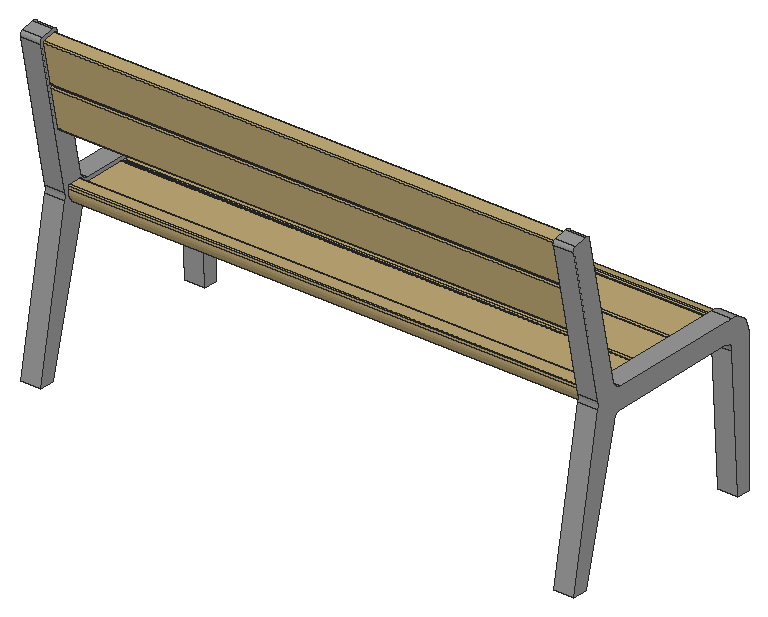
Revit family "L-FUR_벤치_YB-250_예건", category 일반 모델, Revit 2021
Family settings
  보강 철근 호스트 가능 = 아니오
  원형 커넥터 치수 = 지름 사용
  부품 유형 = 보통
  작업 기준면 기반 = 아니오
  항상 수직 = 예
  로드될 때 보이드를 사용하여 절단 = 아니오
  공유 = 아니오
  룸 계산 점 = 아니오
Parameters
  한국산업규격KS = ""
  조달청표준공사코드-세부공종 = "23574249"
  기본 입면도 = 0 mm
  건설정보분류체계-부위분류 = "E943"
  LIM_INFO_주의사항 = "재배포, 재가공, 판매 금지"
  LIM_INFO_제품업체 = "예건"
  LIM_INFO_제품번호 = "YF-16"
  LIM_INFO_제품명 = "펜스_YF-16"
  LIM_INFO_제작일 = "20230315"
  LIM_INFO_재료 = "Hardwood, STL-pipe, STL-plate"
  LIM_INFO_업체정보 = ""
  LIM_INFO_업체URL = "https://yekun.com/"
  LIM_INFO_업체TEL = "(+82)31-943-6114"
  LIM_INFO_업체EMAIL = "yekun@yekun.com"
  LIM_INFO_버전 = "2023_V01"
  LIM_INFO_기타정보 = ""
  LIM_INFO_규격 = "W2000 x H1800"
  LIM_INFO_가격 = 0
  LIM_INFO_PV_포장재여부 = yes
  LIM_INFO_PV_면적 = 0.00 m²
  KBIMS_식별-버전 = ""
  KBIMS_식별-bSK등록번호 = ""
  KBIMS_보급정보-저작자 = "림인포테크_MMJ"
  KBIMS_보급정보-보급코드 = ""
Reference planes
  plane 1 "중심(앞/뒤)": y = 0
  plane 2: z = 0
  plane 3 "중심(왼쪽/오른쪽)": x = 0
Dimensions and locks
  aligned and locked: level to plane 2
Nested families
  nested 1: "YB-250_base" at (0, 0, 0), type "YB-250_base"
Definition of nested family "YB-250_base"
  Parameters (values of type "YB-250_base")
    Default Elevation = 0 mm
  Reference planes
    plane 1 "중심(앞/뒤)": y = 0
    plane 2: z = 0
    plane 3 "중심(왼쪽/오른쪽)": x = 0
  Forms (mm)
    Sweep 1, solid, not visible, detail levels fine
      path origin (0, 0, 0) x (1, 0, 0) y (0, 1, 0)
        loop
          circle (-1867.879, -167.062) r 568.25
      profile origin (-1867.879, 401.188, 0) x (0, -1, 0) y (0, 0, 1)
        loop
          circle (0, 0) r 28.75
        loop
          circle (0, 0) r 30.25
    Sweep 2, solid, not visible, detail levels coarse+medium
      path origin (0, 0, 0) x (1, 0, 0) y (0, 1, 0)
        loop
          circle (-1867.879, -167.062) r 568.25
      profile origin (-1867.879, 401.188, 0) x (0, -1, 0) y (0, 0, 1)
        loop
          line (26.465, -11.234) -> (26.657, 10.77) -> (11.234, 26.465) -> (-10.77, 26.657) -> (-26.465, 11.234) -> (-26.657, -10.77) -> (-11.234, -26.465) -> (10.77, -26.657) -> (26.465, -11.234)
        loop
          line (28.047, 11.332) -> (11.82, 27.845) -> (-11.332, 28.047) -> (-27.845, 11.82) -> (-28.047, -11.332) -> (-11.82, -27.845) -> (11.332, -28.047) -> (27.845, -11.82) -> (28.047, 11.332)
    Sweep 3, solid, not visible, detail levels fine
      path origin (0, 0, -1310.25) x (1, 0, 0) y (0, 1, 0)
        loop
          circle (-1867.879, -167.062) r 568.25
      profile origin (-1867.879, 401.188, -1310.25) x (0, -1, 0) y (0, 0, 1)
        loop
          circle (0, 1310.25) r 28.75
        loop
          circle (0, 1310.25) r 30.25
    Sweep 4, solid, not visible, detail levels coarse+medium
      path origin (0, 0, -1310.25) x (1, 0, 0) y (0, 1, 0)
        loop
          circle (-1867.879, -167.062) r 568.25
      profile origin (-1867.879, 401.188, -1310.25) x (0, -1, 0) y (0, 0, 1)
        loop
          line (26.465, 1299.016) -> (26.657, 1321.02) -> (11.234, 1336.715) -> (-10.77, 1336.907) -> (-26.465, 1321.484) -> (-26.657, 1299.48) -> (-11.234, 1283.785) -> (10.77, 1283.593) -> (26.465, 1299.016)
        loop
          line (28.047, 1321.582) -> (11.82, 1338.095) -> (-11.332, 1338.297) -> (-27.845, 1322.07) -> (-28.047, 1298.918) -> (-11.82, 1282.405) -> (11.332, 1282.203) -> (27.845, 1298.43) -> (28.047, 1321.582)
    Extrusion 5, solid, not visible
      sketch origin (0, 0, 0) x (1, 0, 0) y (0, 1, 0)
        loop
          line (-1678.243, -2480.024) -> (-1613.986, -2453.408)
          arc (-1613.986, -2453.408) -> (-1612.495, -2452.007) -> (-1612.304, -2449.969) r 2.893
          line (-1612.304, -2449.969) -> (-1622.315, -2413.562) -> (-1700.528, -2445.959) -> (-1681.864, -2478.781)
          arc (-1681.864, -2478.781) -> (-1680.288, -2480.087) -> (-1678.243, -2480.024) r 2.893
        loop
          line (-1517.968, -2394.568) -> (-1465.081, -2349.398)
          arc (-1465.081, -2349.398) -> (-1464.096, -2347.605) -> (-1464.544, -2345.608) r 2.893
          line (-1464.544, -2345.608) -> (-1485.315, -2314.077) -> (-1549.689, -2369.057) -> (-1521.796, -2394.505)
          arc (-1521.796, -2394.505) -> (-1519.893, -2395.26) -> (-1517.968, -2394.568) r 2.893
        loop
          line (-1391.945, -2263.766) -> (-1355.605, -2204.465)
          arc (-1355.605, -2204.465) -> (-1355.222, -2202.454) -> (-1356.265, -2200.694) r 2.893
          line (-1356.265, -2200.694) -> (-1385.763, -2177.125) -> (-1429.997, -2249.307) -> (-1395.605, -2264.89)
          arc (-1395.605, -2264.89) -> (-1393.562, -2265.02) -> (-1391.945, -2263.766) r 2.893
        loop
          line (-1312.509, -2100.424) -> (-1296.273, -2032.795)
          arc (-1296.273, -2032.795) -> (-1296.53, -2030.765) -> (-1298.067, -2029.413) r 2.893
          line (-1298.067, -2029.413) -> (-1333.404, -2016.112) -> (-1353.167, -2098.431) -> (-1315.643, -2102.623)
          arc (-1315.643, -2102.623) -> (-1313.66, -2102.116) -> (-1312.509, -2100.424) r 2.893
        loop
          line (-1287.437, -1920.529) -> (-1292.894, -1851.193)
          arc (-1292.894, -1851.193) -> (-1293.766, -1849.341) -> (-1295.645, -1848.53) r 2.893
          line (-1295.645, -1848.53) -> (-1333.364, -1846.801) -> (-1326.722, -1931.197) -> (-1289.738, -1923.589)
          arc (-1289.738, -1923.589) -> (-1288.009, -1922.494) -> (-1287.437, -1920.529) r 2.893
        loop
          line (-1319.183, -1741.691) -> (-1345.799, -1677.435)
          arc (-1345.799, -1677.435) -> (-1347.201, -1675.943) -> (-1349.238, -1675.753) r 2.893
          line (-1349.238, -1675.753) -> (-1385.645, -1685.763) -> (-1353.248, -1763.977) -> (-1320.426, -1745.312)
          arc (-1320.426, -1745.312) -> (-1319.12, -1743.736) -> (-1319.183, -1741.691) r 2.893
        loop
          line (-1404.64, -1581.416) -> (-1449.809, -1528.529)
          arc (-1449.809, -1528.529) -> (-1451.603, -1527.544) -> (-1453.6, -1527.992) r 2.893
          line (-1453.6, -1527.992) -> (-1485.131, -1548.764) -> (-1430.15, -1613.138) -> (-1404.702, -1585.244)
          arc (-1404.702, -1585.244) -> (-1403.947, -1583.342) -> (-1404.64, -1581.416) r 2.893
        loop
          line (-1535.441, -1455.393) -> (-1594.742, -1419.053)
          arc (-1594.742, -1419.053) -> (-1596.753, -1418.67) -> (-1598.513, -1419.714) r 2.893
          line (-1598.513, -1419.714) -> (-1622.083, -1449.212) -> (-1549.9, -1493.445) -> (-1534.317, -1459.053)
          arc (-1534.317, -1459.053) -> (-1534.187, -1457.01) -> (-1535.441, -1455.393) r 2.893
        loop
          line (-1698.784, -1375.958) -> (-1766.412, -1359.721)
          arc (-1766.412, -1359.721) -> (-1768.443, -1359.978) -> (-1769.795, -1361.515) r 2.893
          line (-1769.795, -1361.515) -> (-1783.095, -1396.853) -> (-1700.777, -1416.616) -> (-1696.584, -1379.091)
          arc (-1696.584, -1379.091) -> (-1697.091, -1377.108) -> (-1698.784, -1375.958) r 2.893
        loop
          line (-1878.679, -1350.886) -> (-1948.015, -1356.343)
          arc (-1948.015, -1356.343) -> (-1949.866, -1357.215) -> (-1950.677, -1359.094) r 2.893
          line (-1950.677, -1359.094) -> (-1952.406, -1396.812) -> (-1868.01, -1390.17) -> (-1875.618, -1353.187)
          arc (-1875.618, -1353.187) -> (-1876.713, -1351.457) -> (-1878.679, -1350.886) r 2.893
        loop
          line (-2057.516, -1382.632) -> (-2121.773, -1409.247)
          arc (-2121.773, -1409.247) -> (-2123.264, -1410.649) -> (-2123.455, -1412.687) r 2.893
          line (-2123.455, -1412.687) -> (-2113.444, -1449.093) -> (-2035.231, -1416.696) -> (-2053.895, -1383.874)
          arc (-2053.895, -1383.874) -> (-2055.471, -1382.568) -> (-2057.516, -1382.632) r 2.893
        loop
          line (-2217.791, -1468.088) -> (-2270.678, -1513.257)
          arc (-2270.678, -1513.257) -> (-2271.663, -1515.051) -> (-2271.215, -1517.048) r 2.893
          line (-2271.215, -1517.048) -> (-2250.444, -1548.579) -> (-2186.07, -1493.598) -> (-2213.963, -1468.15)
          arc (-2213.963, -1468.15) -> (-2215.865, -1467.395) -> (-2217.791, -1468.088) r 2.893
        loop
          line (-2343.814, -1598.889) -> (-2380.154, -1658.191)
          arc (-2380.154, -1658.191) -> (-2380.537, -1660.201) -> (-2379.494, -1661.962) r 2.893
          line (-2379.494, -1661.962) -> (-2349.996, -1685.531) -> (-2305.762, -1613.349) -> (-2340.154, -1597.766)
          arc (-2340.154, -1597.766) -> (-2342.197, -1597.635) -> (-2343.814, -1598.889) r 2.893
        loop
          line (-2437.692, -1833.243) -> (-2402.355, -1846.543) -> (-2382.592, -1764.225) -> (-2420.116, -1760.032)
          arc (-2420.116, -1760.032) -> (-2422.099, -1760.539) -> (-2423.25, -1762.232) r 2.893
          line (-2423.25, -1762.232) -> (-2439.486, -1829.861)
          arc (-2439.486, -1829.861) -> (-2439.229, -1831.891) -> (-2437.692, -1833.243) r 2.893
        loop
          line (-2440.113, -2014.125) -> (-2402.395, -2015.855) -> (-2409.037, -1931.458) -> (-2446.021, -1939.067)
          arc (-2446.021, -1939.067) -> (-2447.75, -1940.162) -> (-2448.322, -1942.127) r 2.893
          line (-2448.322, -1942.127) -> (-2442.865, -2011.463)
          arc (-2442.865, -2011.463) -> (-2441.993, -2013.314) -> (-2440.113, -2014.125) r 2.893
        loop
          line (-2386.521, -2186.903) -> (-2350.114, -2176.892) -> (-2382.511, -2098.679) -> (-2415.333, -2117.343)
          arc (-2415.333, -2117.343) -> (-2416.639, -2118.919) -> (-2416.576, -2120.965) r 2.893
          line (-2416.576, -2120.965) -> (-2389.96, -2185.221)
          arc (-2389.96, -2185.221) -> (-2388.558, -2186.712) -> (-2386.521, -2186.903) r 2.893
        loop
          line (-2282.159, -2334.663) -> (-2250.628, -2313.892) -> (-2305.609, -2249.518) -> (-2331.057, -2277.412)
          arc (-2331.057, -2277.412) -> (-2331.812, -2279.314) -> (-2331.119, -2281.24) r 2.893
          line (-2331.119, -2281.24) -> (-2285.95, -2334.126)
          arc (-2285.95, -2334.126) -> (-2284.156, -2335.112) -> (-2282.159, -2334.663) r 2.893
        loop
          line (-2137.246, -2442.942) -> (-2113.676, -2413.444) -> (-2185.859, -2369.21) -> (-2201.441, -2403.603)
          arc (-2201.441, -2403.603) -> (-2201.572, -2405.645) -> (-2200.318, -2407.263) r 2.893
          line (-2200.318, -2407.263) -> (-2141.017, -2443.603)
          arc (-2141.017, -2443.603) -> (-2139.006, -2443.986) -> (-2137.246, -2442.942) r 2.893
        loop
          line (-1965.964, -2501.141) -> (-1952.664, -2465.803) -> (-2034.982, -2446.04) -> (-2039.175, -2483.564)
          arc (-2039.175, -2483.564) -> (-2038.668, -2485.547) -> (-2036.975, -2486.698) r 2.893
          line (-2036.975, -2486.698) -> (-1969.347, -2502.934)
          arc (-1969.347, -2502.934) -> (-1967.316, -2502.677) -> (-1965.964, -2501.141) r 2.893
        loop
          line (-1785.082, -2503.562) -> (-1783.353, -2465.844) -> (-1867.749, -2472.486) -> (-1860.141, -2509.469)
          arc (-1860.141, -2509.469) -> (-1859.046, -2511.198) -> (-1857.08, -2511.77) r 2.893
          line (-1857.08, -2511.77) -> (-1787.744, -2506.313)
          arc (-1787.744, -2506.313) -> (-1785.893, -2505.441) -> (-1785.082, -2503.562) r 2.893
      from 0 to 680
    Extrusion 6, solid, not visible
      sketch origin (-326.184, 269.167, 0) x (0.987613, 0.156911, 0) y (-0.156911, 0.987613, 0)
        loop
          line (-1678.243, -2480.024) -> (-1613.986, -2453.408)
          arc (-1613.986, -2453.408) -> (-1612.495, -2452.007) -> (-1612.304, -2449.969) r 2.893
          line (-1612.304, -2449.969) -> (-1622.315, -2413.562) -> (-1700.528, -2445.959) -> (-1681.864, -2478.781)
          arc (-1681.864, -2478.781) -> (-1680.288, -2480.087) -> (-1678.243, -2480.024) r 2.893
        loop
          line (-1517.968, -2394.568) -> (-1465.081, -2349.398)
          arc (-1465.081, -2349.398) -> (-1464.096, -2347.605) -> (-1464.544, -2345.608) r 2.893
          line (-1464.544, -2345.608) -> (-1485.315, -2314.077) -> (-1549.689, -2369.057) -> (-1521.796, -2394.505)
          arc (-1521.796, -2394.505) -> (-1519.893, -2395.26) -> (-1517.968, -2394.568) r 2.893
        loop
          line (-1391.945, -2263.766) -> (-1355.605, -2204.465)
          arc (-1355.605, -2204.465) -> (-1355.222, -2202.454) -> (-1356.265, -2200.694) r 2.893
          line (-1356.265, -2200.694) -> (-1385.763, -2177.125) -> (-1429.997, -2249.307) -> (-1395.605, -2264.89)
          arc (-1395.605, -2264.89) -> (-1393.562, -2265.02) -> (-1391.945, -2263.766) r 2.893
        loop
          line (-1312.509, -2100.424) -> (-1296.273, -2032.795)
          arc (-1296.273, -2032.795) -> (-1296.53, -2030.765) -> (-1298.067, -2029.413) r 2.893
          line (-1298.067, -2029.413) -> (-1333.404, -2016.112) -> (-1353.167, -2098.431) -> (-1315.643, -2102.623)
          arc (-1315.643, -2102.623) -> (-1313.66, -2102.116) -> (-1312.509, -2100.424) r 2.893
        loop
          line (-1287.437, -1920.529) -> (-1292.894, -1851.193)
          arc (-1292.894, -1851.193) -> (-1293.766, -1849.341) -> (-1295.645, -1848.53) r 2.893
          line (-1295.645, -1848.53) -> (-1333.364, -1846.801) -> (-1326.722, -1931.197) -> (-1289.738, -1923.589)
          arc (-1289.738, -1923.589) -> (-1288.009, -1922.494) -> (-1287.437, -1920.529) r 2.893
        loop
          line (-1319.183, -1741.691) -> (-1345.799, -1677.435)
          arc (-1345.799, -1677.435) -> (-1347.201, -1675.943) -> (-1349.238, -1675.753) r 2.893
          line (-1349.238, -1675.753) -> (-1385.645, -1685.763) -> (-1353.248, -1763.977) -> (-1320.426, -1745.312)
          arc (-1320.426, -1745.312) -> (-1319.12, -1743.736) -> (-1319.183, -1741.691) r 2.893
        loop
          line (-1404.64, -1581.416) -> (-1449.809, -1528.529)
          arc (-1449.809, -1528.529) -> (-1451.603, -1527.544) -> (-1453.6, -1527.992) r 2.893
          line (-1453.6, -1527.992) -> (-1485.131, -1548.764) -> (-1430.15, -1613.138) -> (-1404.702, -1585.244)
          arc (-1404.702, -1585.244) -> (-1403.947, -1583.342) -> (-1404.64, -1581.416) r 2.893
        loop
          line (-1535.441, -1455.393) -> (-1594.742, -1419.053)
          arc (-1594.742, -1419.053) -> (-1596.753, -1418.67) -> (-1598.513, -1419.714) r 2.893
          line (-1598.513, -1419.714) -> (-1622.083, -1449.212) -> (-1549.9, -1493.445) -> (-1534.317, -1459.053)
          arc (-1534.317, -1459.053) -> (-1534.187, -1457.01) -> (-1535.441, -1455.393) r 2.893
        loop
          line (-1698.784, -1375.958) -> (-1766.412, -1359.721)
          arc (-1766.412, -1359.721) -> (-1768.443, -1359.978) -> (-1769.795, -1361.515) r 2.893
          line (-1769.795, -1361.515) -> (-1783.095, -1396.853) -> (-1700.777, -1416.616) -> (-1696.584, -1379.091)
          arc (-1696.584, -1379.091) -> (-1697.091, -1377.108) -> (-1698.784, -1375.958) r 2.893
        loop
          line (-1878.679, -1350.886) -> (-1948.015, -1356.343)
          arc (-1948.015, -1356.343) -> (-1949.866, -1357.215) -> (-1950.677, -1359.094) r 2.893
          line (-1950.677, -1359.094) -> (-1952.406, -1396.812) -> (-1868.01, -1390.17) -> (-1875.618, -1353.187)
          arc (-1875.618, -1353.187) -> (-1876.713, -1351.457) -> (-1878.679, -1350.886) r 2.893
        loop
          line (-2057.516, -1382.632) -> (-2121.773, -1409.247)
          arc (-2121.773, -1409.247) -> (-2123.264, -1410.649) -> (-2123.455, -1412.687) r 2.893
          line (-2123.455, -1412.687) -> (-2113.444, -1449.093) -> (-2035.231, -1416.696) -> (-2053.895, -1383.874)
          arc (-2053.895, -1383.874) -> (-2055.471, -1382.568) -> (-2057.516, -1382.632) r 2.893
        loop
          line (-2217.791, -1468.088) -> (-2270.678, -1513.257)
          arc (-2270.678, -1513.257) -> (-2271.663, -1515.051) -> (-2271.215, -1517.048) r 2.893
          line (-2271.215, -1517.048) -> (-2250.444, -1548.579) -> (-2186.07, -1493.598) -> (-2213.963, -1468.15)
          arc (-2213.963, -1468.15) -> (-2215.865, -1467.395) -> (-2217.791, -1468.088) r 2.893
        loop
          line (-2343.814, -1598.889) -> (-2380.154, -1658.191)
          arc (-2380.154, -1658.191) -> (-2380.537, -1660.201) -> (-2379.494, -1661.962) r 2.893
          line (-2379.494, -1661.962) -> (-2349.996, -1685.531) -> (-2305.762, -1613.349) -> (-2340.154, -1597.766)
          arc (-2340.154, -1597.766) -> (-2342.197, -1597.635) -> (-2343.814, -1598.889) r 2.893
        loop
          line (-2437.692, -1833.243) -> (-2402.355, -1846.543) -> (-2382.592, -1764.225) -> (-2420.116, -1760.032)
          arc (-2420.116, -1760.032) -> (-2422.099, -1760.539) -> (-2423.25, -1762.232) r 2.893
          line (-2423.25, -1762.232) -> (-2439.486, -1829.861)
          arc (-2439.486, -1829.861) -> (-2439.229, -1831.891) -> (-2437.692, -1833.243) r 2.893
        loop
          line (-2440.113, -2014.125) -> (-2402.395, -2015.855) -> (-2409.037, -1931.458) -> (-2446.021, -1939.067)
          arc (-2446.021, -1939.067) -> (-2447.75, -1940.162) -> (-2448.322, -1942.127) r 2.893
          line (-2448.322, -1942.127) -> (-2442.865, -2011.463)
          arc (-2442.865, -2011.463) -> (-2441.993, -2013.314) -> (-2440.113, -2014.125) r 2.893
        loop
          line (-2386.521, -2186.903) -> (-2350.114, -2176.892) -> (-2382.511, -2098.679) -> (-2415.333, -2117.343)
          arc (-2415.333, -2117.343) -> (-2416.639, -2118.919) -> (-2416.576, -2120.965) r 2.893
          line (-2416.576, -2120.965) -> (-2389.96, -2185.221)
          arc (-2389.96, -2185.221) -> (-2388.558, -2186.712) -> (-2386.521, -2186.903) r 2.893
        loop
          line (-2282.159, -2334.663) -> (-2250.628, -2313.892) -> (-2305.609, -2249.518) -> (-2331.057, -2277.412)
          arc (-2331.057, -2277.412) -> (-2331.812, -2279.314) -> (-2331.119, -2281.24) r 2.893
          line (-2331.119, -2281.24) -> (-2285.95, -2334.126)
          arc (-2285.95, -2334.126) -> (-2284.156, -2335.112) -> (-2282.159, -2334.663) r 2.893
        loop
          line (-2137.246, -2442.942) -> (-2113.676, -2413.444) -> (-2185.859, -2369.21) -> (-2201.441, -2403.603)
          arc (-2201.441, -2403.603) -> (-2201.572, -2405.645) -> (-2200.318, -2407.263) r 2.893
          line (-2200.318, -2407.263) -> (-2141.017, -2443.603)
          arc (-2141.017, -2443.603) -> (-2139.006, -2443.986) -> (-2137.246, -2442.942) r 2.893
        loop
          line (-1965.964, -2501.141) -> (-1952.664, -2465.803) -> (-2034.982, -2446.04) -> (-2039.175, -2483.564)
          arc (-2039.175, -2483.564) -> (-2038.668, -2485.547) -> (-2036.975, -2486.698) r 2.893
          line (-2036.975, -2486.698) -> (-1969.347, -2502.934)
          arc (-1969.347, -2502.934) -> (-1967.316, -2502.677) -> (-1965.964, -2501.141) r 2.893
        loop
          line (-1785.082, -2503.562) -> (-1783.353, -2465.844) -> (-1867.749, -2472.486) -> (-1860.141, -2509.469)
          arc (-1860.141, -2509.469) -> (-1859.046, -2511.198) -> (-1857.08, -2511.77) r 2.893
          line (-1857.08, -2511.77) -> (-1787.744, -2506.313)
          arc (-1787.744, -2506.313) -> (-1785.893, -2505.441) -> (-1785.082, -2503.562) r 2.893
      from 0 to 680
    Extrusion 7, solid, not visible
      sketch origin (0, 0, 0) x (1, 0, 0) y (0, 1, 0)
        loop
          circle (-1867.879, -1931.328) r 537.5
        loop
          circle (-1867.879, -1931.328) r 539.5
      from 0 to 794.31
    Sweep 8, solid, not visible, detail levels fine
      path origin (0, -1764.266, -542.405) x (1, 0, 0) y (0, 1, 0)
        loop
          circle (-1867.879, -167.062) r 568.25
      profile origin (-1867.879, -1363.078, -542.405) x (0, -1, 0) y (0, 0, 1)
        loop
          circle (0, 1310.25) r 28.75
        loop
          circle (0, 1310.25) r 30.25
    Sweep 9, solid, not visible, detail levels coarse+medium
      path origin (0, -1764.266, -542.405) x (1, 0, 0) y (0, 1, 0)
        loop
          circle (-1867.879, -167.062) r 568.25
      profile origin (-1867.879, -1363.078, -542.405) x (0, -1, 0) y (0, 0, 1)
        loop
          line (26.465, 1299.016) -> (26.657, 1321.02) -> (11.234, 1336.715) -> (-10.77, 1336.907) -> (-26.465, 1321.484) -> (-26.657, 1299.48) -> (-11.234, 1283.785) -> (10.77, 1283.593) -> (26.465, 1299.016)
        loop
          line (28.047, 1321.582) -> (11.82, 1338.095) -> (-11.332, 1338.297) -> (-27.845, 1322.07) -> (-28.047, 1298.918) -> (-11.82, 1282.405) -> (11.332, 1282.203) -> (27.845, 1298.43) -> (28.047, 1321.582)
    Sweep 10, solid, not visible, detail levels fine
      path origin (0, -1764.266, -1278.297) x (1, 0, 0) y (0, 1, 0)
        loop
          circle (-1867.879, -167.062) r 568.25
      profile origin (-1867.879, -1363.078, -1278.297) x (0, -1, 0) y (0, 0, 1)
        loop
          circle (0, 1310.25) r 28.75
        loop
          circle (0, 1310.25) r 30.25
    Sweep 11, solid, not visible, detail levels coarse+medium
      path origin (0, -1764.266, -1278.297) x (1, 0, 0) y (0, 1, 0)
        loop
          circle (-1867.879, -167.062) r 568.25
      profile origin (-1867.879, -1363.078, -1278.297) x (0, -1, 0) y (0, 0, 1)
        loop
          line (26.465, 1299.016) -> (26.657, 1321.02) -> (11.234, 1336.715) -> (-10.77, 1336.907) -> (-26.465, 1321.484) -> (-26.657, 1299.48) -> (-11.234, 1283.785) -> (10.77, 1283.593) -> (26.465, 1299.016)
        loop
          line (28.047, 1321.582) -> (11.82, 1338.095) -> (-11.332, 1338.297) -> (-27.845, 1322.07) -> (-28.047, 1298.918) -> (-11.82, 1282.405) -> (11.332, 1282.203) -> (27.845, 1298.43) -> (28.047, 1321.582)
    Extrusion 12, solid, not visible
      sketch origin (0, 0, 60) x (1, 0, 0) y (0, 1, 0)
        loop
          line (-1678.243, -2480.024) -> (-1613.986, -2453.408)
          arc (-1613.986, -2453.408) -> (-1612.495, -2452.007) -> (-1612.304, -2449.969) r 2.893
          line (-1612.304, -2449.969) -> (-1622.315, -2413.562) -> (-1700.528, -2445.959) -> (-1681.864, -2478.781)
          arc (-1681.864, -2478.781) -> (-1680.288, -2480.087) -> (-1678.243, -2480.024) r 2.893
        loop
          line (-1517.968, -2394.568) -> (-1465.081, -2349.398)
          arc (-1465.081, -2349.398) -> (-1464.096, -2347.605) -> (-1464.544, -2345.608) r 2.893
          line (-1464.544, -2345.608) -> (-1485.315, -2314.077) -> (-1549.689, -2369.057) -> (-1521.796, -2394.505)
          arc (-1521.796, -2394.505) -> (-1519.893, -2395.26) -> (-1517.968, -2394.568) r 2.893
        loop
          line (-1391.945, -2263.766) -> (-1355.605, -2204.465)
          arc (-1355.605, -2204.465) -> (-1355.222, -2202.454) -> (-1356.265, -2200.694) r 2.893
          line (-1356.265, -2200.694) -> (-1385.763, -2177.125) -> (-1429.997, -2249.307) -> (-1395.605, -2264.89)
          arc (-1395.605, -2264.89) -> (-1393.562, -2265.02) -> (-1391.945, -2263.766) r 2.893
        loop
          line (-1312.509, -2100.424) -> (-1296.273, -2032.795)
          arc (-1296.273, -2032.795) -> (-1296.53, -2030.765) -> (-1298.067, -2029.413) r 2.893
          line (-1298.067, -2029.413) -> (-1333.404, -2016.112) -> (-1353.167, -2098.431) -> (-1315.643, -2102.623)
          arc (-1315.643, -2102.623) -> (-1313.66, -2102.116) -> (-1312.509, -2100.424) r 2.893
        loop
          line (-1287.437, -1920.529) -> (-1292.894, -1851.193)
          arc (-1292.894, -1851.193) -> (-1293.766, -1849.341) -> (-1295.645, -1848.53) r 2.893
          line (-1295.645, -1848.53) -> (-1333.364, -1846.801) -> (-1326.722, -1931.197) -> (-1289.738, -1923.589)
          arc (-1289.738, -1923.589) -> (-1288.009, -1922.494) -> (-1287.437, -1920.529) r 2.893
        loop
          line (-1319.183, -1741.691) -> (-1345.799, -1677.435)
          arc (-1345.799, -1677.435) -> (-1347.201, -1675.943) -> (-1349.238, -1675.753) r 2.893
          line (-1349.238, -1675.753) -> (-1385.645, -1685.763) -> (-1353.248, -1763.977) -> (-1320.426, -1745.312)
          arc (-1320.426, -1745.312) -> (-1319.12, -1743.736) -> (-1319.183, -1741.691) r 2.893
        loop
          line (-1404.64, -1581.416) -> (-1449.809, -1528.529)
          arc (-1449.809, -1528.529) -> (-1451.603, -1527.544) -> (-1453.6, -1527.992) r 2.893
          line (-1453.6, -1527.992) -> (-1485.131, -1548.764) -> (-1430.15, -1613.138) -> (-1404.702, -1585.244)
          arc (-1404.702, -1585.244) -> (-1403.947, -1583.342) -> (-1404.64, -1581.416) r 2.893
        loop
          line (-1535.441, -1455.393) -> (-1594.742, -1419.053)
          arc (-1594.742, -1419.053) -> (-1596.753, -1418.67) -> (-1598.513, -1419.714) r 2.893
          line (-1598.513, -1419.714) -> (-1622.083, -1449.212) -> (-1549.9, -1493.445) -> (-1534.317, -1459.053)
          arc (-1534.317, -1459.053) -> (-1534.187, -1457.01) -> (-1535.441, -1455.393) r 2.893
        loop
          line (-1698.784, -1375.958) -> (-1766.412, -1359.721)
          arc (-1766.412, -1359.721) -> (-1768.443, -1359.978) -> (-1769.795, -1361.515) r 2.893
          line (-1769.795, -1361.515) -> (-1783.095, -1396.853) -> (-1700.777, -1416.616) -> (-1696.584, -1379.091)
          arc (-1696.584, -1379.091) -> (-1697.091, -1377.108) -> (-1698.784, -1375.958) r 2.893
        loop
          line (-1878.679, -1350.886) -> (-1948.015, -1356.343)
          arc (-1948.015, -1356.343) -> (-1949.866, -1357.215) -> (-1950.677, -1359.094) r 2.893
          line (-1950.677, -1359.094) -> (-1952.406, -1396.812) -> (-1868.01, -1390.17) -> (-1875.618, -1353.187)
          arc (-1875.618, -1353.187) -> (-1876.713, -1351.457) -> (-1878.679, -1350.886) r 2.893
        loop
          line (-2057.516, -1382.632) -> (-2121.773, -1409.247)
          arc (-2121.773, -1409.247) -> (-2123.264, -1410.649) -> (-2123.455, -1412.687) r 2.893
          line (-2123.455, -1412.687) -> (-2113.444, -1449.093) -> (-2035.231, -1416.696) -> (-2053.895, -1383.874)
          arc (-2053.895, -1383.874) -> (-2055.471, -1382.568) -> (-2057.516, -1382.632) r 2.893
        loop
          line (-2217.791, -1468.088) -> (-2270.678, -1513.257)
          arc (-2270.678, -1513.257) -> (-2271.663, -1515.051) -> (-2271.215, -1517.048) r 2.893
          line (-2271.215, -1517.048) -> (-2250.444, -1548.579) -> (-2186.07, -1493.598) -> (-2213.963, -1468.15)
          arc (-2213.963, -1468.15) -> (-2215.865, -1467.395) -> (-2217.791, -1468.088) r 2.893
        loop
          line (-2343.814, -1598.889) -> (-2380.154, -1658.191)
          arc (-2380.154, -1658.191) -> (-2380.537, -1660.201) -> (-2379.494, -1661.962) r 2.893
          line (-2379.494, -1661.962) -> (-2349.996, -1685.531) -> (-2305.762, -1613.349) -> (-2340.154, -1597.766)
          arc (-2340.154, -1597.766) -> (-2342.197, -1597.635) -> (-2343.814, -1598.889) r 2.893
        loop
          line (-2437.692, -1833.243) -> (-2402.355, -1846.543) -> (-2382.592, -1764.225) -> (-2420.116, -1760.032)
          arc (-2420.116, -1760.032) -> (-2422.099, -1760.539) -> (-2423.25, -1762.232) r 2.893
          line (-2423.25, -1762.232) -> (-2439.486, -1829.861)
          arc (-2439.486, -1829.861) -> (-2439.229, -1831.891) -> (-2437.692, -1833.243) r 2.893
        loop
          line (-2440.113, -2014.125) -> (-2402.395, -2015.855) -> (-2409.037, -1931.458) -> (-2446.021, -1939.067)
          arc (-2446.021, -1939.067) -> (-2447.75, -1940.162) -> (-2448.322, -1942.127) r 2.893
          line (-2448.322, -1942.127) -> (-2442.865, -2011.463)
          arc (-2442.865, -2011.463) -> (-2441.993, -2013.314) -> (-2440.113, -2014.125) r 2.893
        loop
          line (-2386.521, -2186.903) -> (-2350.114, -2176.892) -> (-2382.511, -2098.679) -> (-2415.333, -2117.343)
          arc (-2415.333, -2117.343) -> (-2416.639, -2118.919) -> (-2416.576, -2120.965) r 2.893
          line (-2416.576, -2120.965) -> (-2389.96, -2185.221)
          arc (-2389.96, -2185.221) -> (-2388.558, -2186.712) -> (-2386.521, -2186.903) r 2.893
        loop
          line (-2282.159, -2334.663) -> (-2250.628, -2313.892) -> (-2305.609, -2249.518) -> (-2331.057, -2277.412)
          arc (-2331.057, -2277.412) -> (-2331.812, -2279.314) -> (-2331.119, -2281.24) r 2.893
          line (-2331.119, -2281.24) -> (-2285.95, -2334.126)
          arc (-2285.95, -2334.126) -> (-2284.156, -2335.112) -> (-2282.159, -2334.663) r 2.893
        loop
          line (-2137.246, -2442.942) -> (-2113.676, -2413.444) -> (-2185.859, -2369.21) -> (-2201.441, -2403.603)
          arc (-2201.441, -2403.603) -> (-2201.572, -2405.645) -> (-2200.318, -2407.263) r 2.893
          line (-2200.318, -2407.263) -> (-2141.017, -2443.603)
          arc (-2141.017, -2443.603) -> (-2139.006, -2443.986) -> (-2137.246, -2442.942) r 2.893
        loop
          line (-1965.964, -2501.141) -> (-1952.664, -2465.803) -> (-2034.982, -2446.04) -> (-2039.175, -2483.564)
          arc (-2039.175, -2483.564) -> (-2038.668, -2485.547) -> (-2036.975, -2486.698) r 2.893
          line (-2036.975, -2486.698) -> (-1969.347, -2502.934)
          arc (-1969.347, -2502.934) -> (-1967.316, -2502.677) -> (-1965.964, -2501.141) r 2.893
        loop
          line (-1785.082, -2503.562) -> (-1783.353, -2465.844) -> (-1867.749, -2472.486) -> (-1860.141, -2509.469)
          arc (-1860.141, -2509.469) -> (-1859.046, -2511.198) -> (-1857.08, -2511.77) r 2.893
          line (-1857.08, -2511.77) -> (-1787.744, -2506.313)
          arc (-1787.744, -2506.313) -> (-1785.893, -2505.441) -> (-1785.082, -2503.562) r 2.893
      from 0 to 680
    Extrusion 13, solid, not visible
      sketch origin (-326.184, 269.167, 60) x (0.987613, 0.156911, 0) y (-0.156911, 0.987613, 0)
        loop
          line (-1678.243, -2480.024) -> (-1613.986, -2453.408)
          arc (-1613.986, -2453.408) -> (-1612.495, -2452.007) -> (-1612.304, -2449.969) r 2.893
          line (-1612.304, -2449.969) -> (-1622.315, -2413.562) -> (-1700.528, -2445.959) -> (-1681.864, -2478.781)
          arc (-1681.864, -2478.781) -> (-1680.288, -2480.087) -> (-1678.243, -2480.024) r 2.893
        loop
          line (-1517.968, -2394.568) -> (-1465.081, -2349.398)
          arc (-1465.081, -2349.398) -> (-1464.096, -2347.605) -> (-1464.544, -2345.608) r 2.893
          line (-1464.544, -2345.608) -> (-1485.315, -2314.077) -> (-1549.689, -2369.057) -> (-1521.796, -2394.505)
          arc (-1521.796, -2394.505) -> (-1519.893, -2395.26) -> (-1517.968, -2394.568) r 2.893
        loop
          line (-1391.945, -2263.766) -> (-1355.605, -2204.465)
          arc (-1355.605, -2204.465) -> (-1355.222, -2202.454) -> (-1356.265, -2200.694) r 2.893
          line (-1356.265, -2200.694) -> (-1385.763, -2177.125) -> (-1429.997, -2249.307) -> (-1395.605, -2264.89)
          arc (-1395.605, -2264.89) -> (-1393.562, -2265.02) -> (-1391.945, -2263.766) r 2.893
        loop
          line (-1312.509, -2100.424) -> (-1296.273, -2032.795)
          arc (-1296.273, -2032.795) -> (-1296.53, -2030.765) -> (-1298.067, -2029.413) r 2.893
          line (-1298.067, -2029.413) -> (-1333.404, -2016.112) -> (-1353.167, -2098.431) -> (-1315.643, -2102.623)
          arc (-1315.643, -2102.623) -> (-1313.66, -2102.116) -> (-1312.509, -2100.424) r 2.893
        loop
          line (-1287.437, -1920.529) -> (-1292.894, -1851.193)
          arc (-1292.894, -1851.193) -> (-1293.766, -1849.341) -> (-1295.645, -1848.53) r 2.893
          line (-1295.645, -1848.53) -> (-1333.364, -1846.801) -> (-1326.722, -1931.197) -> (-1289.738, -1923.589)
          arc (-1289.738, -1923.589) -> (-1288.009, -1922.494) -> (-1287.437, -1920.529) r 2.893
        loop
          line (-1319.183, -1741.691) -> (-1345.799, -1677.435)
          arc (-1345.799, -1677.435) -> (-1347.201, -1675.943) -> (-1349.238, -1675.753) r 2.893
          line (-1349.238, -1675.753) -> (-1385.645, -1685.763) -> (-1353.248, -1763.977) -> (-1320.426, -1745.312)
          arc (-1320.426, -1745.312) -> (-1319.12, -1743.736) -> (-1319.183, -1741.691) r 2.893
        loop
          line (-1404.64, -1581.416) -> (-1449.809, -1528.529)
          arc (-1449.809, -1528.529) -> (-1451.603, -1527.544) -> (-1453.6, -1527.992) r 2.893
          line (-1453.6, -1527.992) -> (-1485.131, -1548.764) -> (-1430.15, -1613.138) -> (-1404.702, -1585.244)
          arc (-1404.702, -1585.244) -> (-1403.947, -1583.342) -> (-1404.64, -1581.416) r 2.893
        loop
          line (-1535.441, -1455.393) -> (-1594.742, -1419.053)
          arc (-1594.742, -1419.053) -> (-1596.753, -1418.67) -> (-1598.513, -1419.714) r 2.893
          line (-1598.513, -1419.714) -> (-1622.083, -1449.212) -> (-1549.9, -1493.445) -> (-1534.317, -1459.053)
          arc (-1534.317, -1459.053) -> (-1534.187, -1457.01) -> (-1535.441, -1455.393) r 2.893
        loop
          line (-1698.784, -1375.958) -> (-1766.412, -1359.721)
          arc (-1766.412, -1359.721) -> (-1768.443, -1359.978) -> (-1769.795, -1361.515) r 2.893
          line (-1769.795, -1361.515) -> (-1783.095, -1396.853) -> (-1700.777, -1416.616) -> (-1696.584, -1379.091)
          arc (-1696.584, -1379.091) -> (-1697.091, -1377.108) -> (-1698.784, -1375.958) r 2.893
        loop
          line (-1878.679, -1350.886) -> (-1948.015, -1356.343)
          arc (-1948.015, -1356.343) -> (-1949.866, -1357.215) -> (-1950.677, -1359.094) r 2.893
          line (-1950.677, -1359.094) -> (-1952.406, -1396.812) -> (-1868.01, -1390.17) -> (-1875.618, -1353.187)
          arc (-1875.618, -1353.187) -> (-1876.713, -1351.457) -> (-1878.679, -1350.886) r 2.893
        loop
          line (-2057.516, -1382.632) -> (-2121.773, -1409.247)
          arc (-2121.773, -1409.247) -> (-2123.264, -1410.649) -> (-2123.455, -1412.687) r 2.893
          line (-2123.455, -1412.687) -> (-2113.444, -1449.093) -> (-2035.231, -1416.696) -> (-2053.895, -1383.874)
          arc (-2053.895, -1383.874) -> (-2055.471, -1382.568) -> (-2057.516, -1382.632) r 2.893
        loop
          line (-2217.791, -1468.088) -> (-2270.678, -1513.257)
          arc (-2270.678, -1513.257) -> (-2271.663, -1515.051) -> (-2271.215, -1517.048) r 2.893
          line (-2271.215, -1517.048) -> (-2250.444, -1548.579) -> (-2186.07, -1493.598) -> (-2213.963, -1468.15)
          arc (-2213.963, -1468.15) -> (-2215.865, -1467.395) -> (-2217.791, -1468.088) r 2.893
        loop
          line (-2343.814, -1598.889) -> (-2380.154, -1658.191)
          arc (-2380.154, -1658.191) -> (-2380.537, -1660.201) -> (-2379.494, -1661.962) r 2.893
          line (-2379.494, -1661.962) -> (-2349.996, -1685.531) -> (-2305.762, -1613.349) -> (-2340.154, -1597.766)
          arc (-2340.154, -1597.766) -> (-2342.197, -1597.635) -> (-2343.814, -1598.889) r 2.893
        loop
          line (-2437.692, -1833.243) -> (-2402.355, -1846.543) -> (-2382.592, -1764.225) -> (-2420.116, -1760.032)
          arc (-2420.116, -1760.032) -> (-2422.099, -1760.539) -> (-2423.25, -1762.232) r 2.893
          line (-2423.25, -1762.232) -> (-2439.486, -1829.861)
          arc (-2439.486, -1829.861) -> (-2439.229, -1831.891) -> (-2437.692, -1833.243) r 2.893
        loop
          line (-2440.113, -2014.125) -> (-2402.395, -2015.855) -> (-2409.037, -1931.458) -> (-2446.021, -1939.067)
          arc (-2446.021, -1939.067) -> (-2447.75, -1940.162) -> (-2448.322, -1942.127) r 2.893
          line (-2448.322, -1942.127) -> (-2442.865, -2011.463)
          arc (-2442.865, -2011.463) -> (-2441.993, -2013.314) -> (-2440.113, -2014.125) r 2.893
        loop
          line (-2386.521, -2186.903) -> (-2350.114, -2176.892) -> (-2382.511, -2098.679) -> (-2415.333, -2117.343)
          arc (-2415.333, -2117.343) -> (-2416.639, -2118.919) -> (-2416.576, -2120.965) r 2.893
          line (-2416.576, -2120.965) -> (-2389.96, -2185.221)
          arc (-2389.96, -2185.221) -> (-2388.558, -2186.712) -> (-2386.521, -2186.903) r 2.893
        loop
          line (-2282.159, -2334.663) -> (-2250.628, -2313.892) -> (-2305.609, -2249.518) -> (-2331.057, -2277.412)
          arc (-2331.057, -2277.412) -> (-2331.812, -2279.314) -> (-2331.119, -2281.24) r 2.893
          line (-2331.119, -2281.24) -> (-2285.95, -2334.126)
          arc (-2285.95, -2334.126) -> (-2284.156, -2335.112) -> (-2282.159, -2334.663) r 2.893
        loop
          line (-2137.246, -2442.942) -> (-2113.676, -2413.444) -> (-2185.859, -2369.21) -> (-2201.441, -2403.603)
          arc (-2201.441, -2403.603) -> (-2201.572, -2405.645) -> (-2200.318, -2407.263) r 2.893
          line (-2200.318, -2407.263) -> (-2141.017, -2443.603)
          arc (-2141.017, -2443.603) -> (-2139.006, -2443.986) -> (-2137.246, -2442.942) r 2.893
        loop
          line (-1965.964, -2501.141) -> (-1952.664, -2465.803) -> (-2034.982, -2446.04) -> (-2039.175, -2483.564)
          arc (-2039.175, -2483.564) -> (-2038.668, -2485.547) -> (-2036.975, -2486.698) r 2.893
          line (-2036.975, -2486.698) -> (-1969.347, -2502.934)
          arc (-1969.347, -2502.934) -> (-1967.316, -2502.677) -> (-1965.964, -2501.141) r 2.893
        loop
          line (-1785.082, -2503.562) -> (-1783.353, -2465.844) -> (-1867.749, -2472.486) -> (-1860.141, -2509.469)
          arc (-1860.141, -2509.469) -> (-1859.046, -2511.198) -> (-1857.08, -2511.77) r 2.893
          line (-1857.08, -2511.77) -> (-1787.744, -2506.313)
          arc (-1787.744, -2506.313) -> (-1785.893, -2505.441) -> (-1785.082, -2503.562) r 2.893
      from 0 to 680
    Extrusion 14, solid, not visible
      sketch origin (0, -1764.266, 4.107) x (1, 0, 0) y (0, 1, 0)
        loop
          arc (-2404.542, -137.062) -> (-2405.379, -167.062) -> (-2404.542, -197.062) r 537.5
          line (-2404.542, -197.062) -> (-1331.217, -197.062)
          arc (-1331.217, -197.062) -> (-1330.379, -167.062) -> (-1331.217, -137.062) r 537.5
          line (-1331.217, -137.062) -> (-2404.542, -137.062)
      from 0 to 40
    Extrusion 15, solid, not visible
      sketch origin (-2034.942, -63.448, 4.107) x (0, 1, 0) y (-1, 0, 0)
        loop
          arc (-2404.542, -137.062) -> (-2405.379, -167.062) -> (-2404.542, -197.062) r 537.5
          line (-2404.542, -197.062) -> (-1331.217, -197.062)
          arc (-1331.217, -197.062) -> (-1330.379, -167.062) -> (-1331.217, -137.062) r 537.5
          line (-1331.217, -137.062) -> (-2404.542, -137.062)
      from 0 to 40
    Extrusion 16, solid, not visible
      sketch origin (0, -1764.266, 44.107) x (1, 0, 0) y (0, 1, 0)
        loop
          circle (-1867.879, -167.062) r 537.5
        loop
          circle (-2080.012, -379.194) r 10
        loop
          circle (-1655.747, -379.194) r 10
        loop
          circle (-1655.747, 45.07) r 10
        loop
          circle (-2080.012, 45.07) r 10
      from 0 to 1.2
    Extrusion 17, solid, not visible
      sketch origin (0, 142.026, 0) x (1, 0, 0) y (0, 0, 1)
        loop
          line (250.196, 700) -> (250.196, 50) -> (310.196, 50) -> (310.196, 700) -> (250.196, 700)
      from 0 to 20
    Revolve 18, solid, not visible, detail levels coarse+medium
      sketch origin (0, 0, 0) x (1, 0, 0) y (0, 0, 1)
        loop
          line (2550.799, 933.793) -> (2552.49, 933.793) -> (2552.49, 934.794) -> (2550.649, 934.794)
          arc (2550.649, 934.794) -> (2545.113, 933.3) -> (2541.082, 929.223) r 11
          line (2541.082, 929.223) -> (2530.908, 911.294) -> (2530.34, 910.294) -> (2531.49, 910.294) -> (2541.952, 928.73)
          arc (2541.952, 928.73) -> (2545.617, 932.436) -> (2550.649, 933.794) r 10
        axis (2567.64, 934.794) -> (2567.64, 910.294)
      angle from 0 to 360
    Revolve 19, solid, not visible, detail levels coarse+medium
      sketch origin (0, 0, 0) x (1, 0, 0) y (0, 0, 1)
        loop
          line (2552.79, 910.294) -> (2552.79, 933.794) -> (2550.949, 933.794)
          arc (2550.949, 933.794) -> (2545.917, 932.436) -> (2542.252, 928.73) r 10
          line (2542.252, 928.73) -> (2531.79, 910.294) -> (2533.63, 910.294) -> (2543.643, 927.94)
          arc (2543.643, 927.94) -> (2546.722, 931.053) -> (2550.949, 932.194) r 8.4
          line (2550.949, 932.194) -> (2550.949, 910.294) -> (2552.79, 910.294)
        axis (2567.64, 933.794) -> (2567.64, 910.294)
      angle from 0 to 360
    Sweep 20, solid, not visible, detail levels coarse+medium
      path origin (12.126, 0, 0) x (0, 1, 0) y (0, 0, 1)
        loop
          line (2755.111, 246.603) -> (2647.361, 246.603)
          arc (2647.361, 246.603) -> (2576.297, 276.039) -> (2546.861, 347.103) r 100.5
          line (2546.861, 347.103) -> (2546.861, 572.103)
          arc (2546.861, 572.103) -> (2576.297, 643.167) -> (2647.361, 672.603) r 100.5
          line (2647.361, 672.603) -> (2755.111, 672.603)
      profile origin (12.126, 2701.236, 246.603) x (0, 0, -1) y (1, 0, 0)
        loop
          line (2.459, -9.176) -> (8.227, -4.75) -> (9.176, 2.459) -> (4.75, 8.227) -> (-2.459, 9.176) -> (-8.227, 4.75) -> (-9.176, -2.459) -> (-4.75, -8.227) -> (2.459, -9.176)
    Sweep 21, solid, not visible, detail levels coarse+medium
      path origin (102.126, 0, 0) x (0, 1, 0) y (0, 0, 1)
        loop
          line (2755.111, 246.603) -> (2647.361, 246.603)
          arc (2647.361, 246.603) -> (2576.297, 276.039) -> (2546.861, 347.103) r 100.5
          line (2546.861, 347.103) -> (2546.861, 572.103)
          arc (2546.861, 572.103) -> (2576.297, 643.167) -> (2647.361, 672.603) r 100.5
          line (2647.361, 672.603) -> (2755.111, 672.603)
      profile origin (102.126, 2701.236, 246.603) x (0, 0, -1) y (1, 0, 0)
        loop
          line (2.459, -9.176) -> (8.227, -4.75) -> (9.176, 2.459) -> (4.75, 8.227) -> (-2.459, 9.176) -> (-8.227, 4.75) -> (-9.176, -2.459) -> (-4.75, -8.227) -> (2.459, -9.176)
    Extrusion 22, solid, detail levels fine
      sketch origin (0, -5127.946, -1870.969) x (0, 1, 0) y (0, 0, 1)
        loop
          arc (5224.19, 2332.969) -> (5222.069, 2332.09) -> (5221.19, 2329.969) r 3
          line (5221.19, 2329.969) -> (5221.19, 2322.969)
          arc (5221.19, 2322.969) -> (5235.835, 2287.613) -> (5271.19, 2272.969) r 50
          line (5271.19, 2272.969) -> (5278.19, 2272.969)
          arc (5278.19, 2272.969) -> (5280.312, 2273.847) -> (5281.19, 2275.969) r 3
          line (5281.19, 2275.969) -> (5281.19, 2309.969)
          arc (5281.19, 2309.969) -> (5280.312, 2312.09) -> (5278.19, 2312.969) r 3
          line (5278.19, 2312.969) -> (5271.19, 2312.969)
          arc (5271.19, 2312.969) -> (5264.119, 2315.898) -> (5261.19, 2322.969) r 10
          line (5261.19, 2322.969) -> (5261.19, 2329.969)
          arc (5261.19, 2329.969) -> (5260.312, 2332.09) -> (5258.19, 2332.969) r 3
          line (5258.19, 2332.969) -> (5224.19, 2332.969)
      from 55 to 1465
    Extrusion 23, solid, detail levels fine
      sketch origin (0, 2.778, 0) x (0, 1, 0) y (0, 0, 1)
        loop
          line (540.524, 442) -> (533.524, 442)
          arc (533.524, 442) -> (531.403, 441.121) -> (530.524, 439) r 3
          line (530.524, 439) -> (530.524, 405)
          arc (530.524, 405) -> (531.403, 402.879) -> (533.524, 402) r 3
          line (533.524, 402) -> (540.524, 402)
          arc (540.524, 402) -> (547.595, 399.071) -> (550.524, 392) r 10
          line (550.524, 392) -> (550.524, 385)
          arc (550.524, 385) -> (551.403, 382.879) -> (553.524, 382) r 3
          line (553.524, 382) -> (587.524, 382)
          arc (587.524, 382) -> (589.645, 382.879) -> (590.524, 385) r 3
          line (590.524, 385) -> (590.524, 392)
          arc (590.524, 392) -> (575.879, 427.355) -> (540.524, 442) r 50
      from 55 to 1465
    Extrusion 24, solid, detail levels fine
      sketch origin (0, 2.778, 0) x (0, 1, 0) y (0, 0, 1)
        loop
          arc (7.773, 852.869) -> (5.879, 851.571) -> (5.458, 849.313) r 3
          line (5.458, 849.313) -> (29.028, 737.777)
          arc (29.028, 737.777) -> (30.326, 735.883) -> (32.583, 735.462) r 3
          line (32.583, 735.462) -> (65.848, 742.491)
          arc (65.848, 742.491) -> (67.742, 743.79) -> (68.163, 746.047) r 3
          line (68.163, 746.047) -> (44.593, 857.584)
          arc (44.593, 857.584) -> (43.295, 859.477) -> (41.038, 859.899) r 3
          line (41.038, 859.899) -> (7.773, 852.869)
        loop
          arc (33.617, 730.57) -> (31.723, 729.272) -> (31.302, 727.014) r 3
          line (31.302, 727.014) -> (54.872, 615.478)
          arc (54.872, 615.478) -> (56.17, 613.584) -> (58.427, 613.163) r 3
          line (58.427, 613.163) -> (91.693, 620.192)
          arc (91.693, 620.192) -> (93.586, 621.491) -> (94.007, 623.748) r 3
          line (94.007, 623.748) -> (70.438, 735.285)
          arc (70.438, 735.285) -> (69.139, 737.178) -> (66.882, 737.599) r 3
          line (66.882, 737.599) -> (33.617, 730.57)
      from 55 to 1465
    Extrusion 25, solid, detail levels fine
      sketch origin (0, 2.778, 0) x (0, 1, 0) y (0, 0, 1)
        loop
          arc (408.524, 442) -> (406.403, 441.121) -> (405.524, 439) r 3
          line (405.524, 439) -> (405.524, 405)
          arc (405.524, 405) -> (406.403, 402.879) -> (408.524, 402) r 3
          line (408.524, 402) -> (522.524, 402)
          arc (522.524, 402) -> (524.645, 402.879) -> (525.524, 405) r 3
          line (525.524, 405) -> (525.524, 439)
          arc (525.524, 439) -> (524.645, 441.121) -> (522.524, 442) r 3
          line (522.524, 442) -> (408.524, 442)
        loop
          arc (283.524, 442) -> (281.403, 441.121) -> (280.524, 439) r 3
          line (280.524, 439) -> (280.524, 405)
          arc (280.524, 405) -> (281.403, 402.879) -> (283.524, 402) r 3
          line (283.524, 402) -> (397.524, 402)
          arc (397.524, 402) -> (399.645, 402.879) -> (400.524, 405) r 3
          line (400.524, 405) -> (400.524, 439)
          arc (400.524, 439) -> (399.645, 441.121) -> (397.524, 442) r 3
          line (397.524, 442) -> (283.524, 442)
        loop
          arc (158.524, 442) -> (156.403, 441.121) -> (155.524, 439) r 3
          line (155.524, 439) -> (155.524, 405)
          arc (155.524, 405) -> (156.403, 402.879) -> (158.524, 402) r 3
          line (158.524, 402) -> (272.524, 402)
          arc (272.524, 402) -> (274.645, 402.879) -> (275.524, 405) r 3
          line (275.524, 405) -> (275.524, 439)
          arc (275.524, 439) -> (274.645, 441.121) -> (272.524, 442) r 3
          line (272.524, 442) -> (158.524, 442)
      from 55 to 1465
    Extrusion 26, solid, detail levels fine
      sketch origin (0, 2.778, 0) x (0, 1, 0) y (0, 0, 1)
        loop
          line (-2.576, 848.638) -> (82.724, 444.982)
          arc (82.724, 444.982) -> (83.803, 435.037) -> (82.88, 425.076) r 50
          line (82.88, 425.076) -> (0, 0) -> (40.034, 0) -> (135.496, 372.943)
          arc (135.496, 372.943) -> (145.452, 388.118) -> (162.622, 394) r 28
          line (162.622, 394) -> (515.546, 394)
          arc (515.546, 394) -> (534.799, 386.33) -> (543.505, 367.523) r 28
          line (543.505, 367.523) -> (563.524, 0) -> (598.524, 0) -> (598.524, 392)
          arc (598.524, 392) -> (581.536, 433.012) -> (540.524, 450) r 58
          line (540.524, 450) -> (161.602, 450)
          arc (161.602, 450) -> (143.968, 456.25) -> (134.207, 472.211) r 28
          line (134.207, 472.211) -> (52.214, 860.216)
          arc (52.214, 860.216) -> (47.886, 866.529) -> (40.362, 867.932) r 10
          line (40.362, 867.932) -> (5.14, 860.489)
          arc (5.14, 860.489) -> (-1.173, 856.162) -> (-2.576, 848.638) r 10
      from 1465 to 1520
    Extrusion 27, solid, detail levels fine
      sketch origin (0, 2.778, 0) x (0, 1, 0) y (0, 0, 1)
        loop
          line (-2.576, 848.638) -> (82.724, 444.982)
          arc (82.724, 444.982) -> (83.803, 435.037) -> (82.88, 425.076) r 50
          line (82.88, 425.076) -> (0, 0) -> (40.034, 0) -> (135.496, 372.943)
          arc (135.496, 372.943) -> (145.452, 388.118) -> (162.622, 394) r 28
          line (162.622, 394) -> (515.546, 394)
          arc (515.546, 394) -> (534.799, 386.33) -> (543.505, 367.523) r 28
          line (543.505, 367.523) -> (563.524, 0) -> (598.524, 0) -> (598.524, 392)
          arc (598.524, 392) -> (581.536, 433.012) -> (540.524, 450) r 58
          line (540.524, 450) -> (161.602, 450)
          arc (161.602, 450) -> (143.968, 456.25) -> (134.207, 472.211) r 28
          line (134.207, 472.211) -> (52.214, 860.216)
          arc (52.214, 860.216) -> (47.886, 866.529) -> (40.362, 867.932) r 10
          line (40.362, 867.932) -> (5.14, 860.489)
          arc (5.14, 860.489) -> (-1.173, 856.162) -> (-2.576, 848.638) r 10
      from 0 to 55
    Extrusion 28, solid, detail levels coarse+medium
      sketch origin (0, 4.644, 0) x (0, 1, 0) y (0, 0, 1)
        loop
          line (4.837, 852.249) -> (30.86, 729.106) -> (55.492, 612.542) -> (94.628, 620.813) -> (68.315, 745.329) -> (43.973, 860.519) -> (4.837, 852.249)
      from 55 to 1465
    Extrusion 29, solid, detail levels coarse+medium
      sketch origin (0, 4.644, 0) x (0, 1, 0) y (0, 0, 1)
        loop
          line (349.3, 442) -> (155.524, 442) -> (155.524, 402) -> (337.751, 402) -> (525.524, 402) -> (525.524, 442) -> (349.3, 442)
      from 55 to 1465
    Extrusion 30, solid, detail levels coarse+medium
      sketch origin (0, 4.644, 0) x (0, 1, 0) y (0, 0, 1)
        loop
          line (-4.644, 858.422) -> (84.824, 435.045) -> (0, 0) -> (40.034, 0) -> (140.886, 394) -> (542.062, 394) -> (563.524, 0) -> (598.524, 0) -> (598.524, 450) -> (138.9, 450) -> (50.146, 870) -> (-4.644, 858.422)
      from 1465 to 1520
    Extrusion 31, solid, detail levels coarse+medium
      sketch origin (-1465, 4.644, 0) x (0, 1, 0) y (0, 0, 1)
        loop
          line (-4.644, 858.422) -> (84.824, 435.045) -> (0, 0) -> (40.034, 0) -> (140.886, 394) -> (542.062, 394) -> (563.524, 0) -> (598.524, 0) -> (598.524, 450) -> (138.9, 450) -> (50.146, 870) -> (-4.644, 858.422)
      from 1465 to 1520
  Lines and regions (mm)
    model lines, detail levels fine
      curve 1: line (0, 68.626, 742.491) -> (0, 79.389, 744.766)
      curve 2: line (0, 79.389, 744.766) -> (0, 54.578, 862.173)
      curve 3: line (0, 20.021, 793.545) -> (0, 32.426, 734.842)
      curve 4: line (0, 32.426, 734.842) -> (0, 79.389, 744.766)
      curve 5: line (0, 20.021, 793.545) -> (0, 7.615, 852.249)
      curve 6: line (0, 54.578, 862.173) -> (0, 7.615, 852.249)
      curve 7: line (0, 105.233, 622.467) -> (0, 80.422, 739.874)
      curve 8: line (0, 45.865, 671.246) -> (0, 58.27, 612.542)
      curve 9: line (0, 45.865, 671.246) -> (0, 33.46, 729.95)
      curve 10: line (0, 33.46, 729.95) -> (0, 80.422, 739.874)
      curve 11: line (0, 105.233, 622.467) -> (0, 58.27, 612.542)
    model lines, detail levels coarse+medium
      curve 12: line (0, 70.492, 742.491) -> (0, 81.254, 744.766)
      curve 13: line (0, 81.254, 744.766) -> (0, 56.444, 862.173)
      curve 14: line (0, 21.886, 793.545) -> (0, 34.292, 734.842)
      curve 15: line (0, 34.292, 734.842) -> (0, 81.254, 744.766)
      curve 16: line (0, 21.886, 793.545) -> (0, 9.481, 852.249)
      curve 17: line (0, 56.444, 862.173) -> (0, 9.481, 852.249)
      curve 18: line (0, 107.099, 622.467) -> (0, 82.288, 739.874)
      curve 19: line (0, 47.731, 671.246) -> (0, 60.136, 612.542)
      curve 20: line (0, 47.731, 671.246) -> (0, 35.325, 729.95)
      curve 21: line (0, 35.325, 729.95) -> (0, 82.288, 739.874)
      curve 22: line (0, 107.099, 622.467) -> (0, 60.136, 612.542)
  Dimensions and locks
    aligned and locked: level to plane 2
